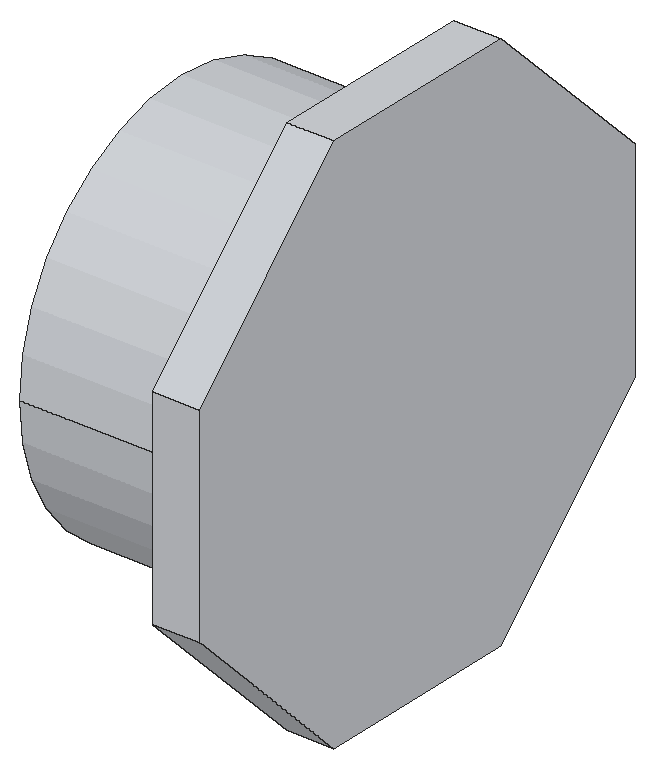
Revit family "Acoplamento - Junta - Rosqueada M - PPR", category Conexões de tubo, Revit 2019
Family settings
  Cota do conector redondo = Usar raio
  Tipo de parte = União
  Com base no plano de trabalho = Não
  Sempre na vertical = Sim
  Corte com vazios quando carregada = Não
  Compartilhado = Não
Parameters (values of type "Padrão")
  Tamanho da marca de revisão [instance] = Diâmetro externo da conexão * 0.4  # 23.12 mm
  Raio externo do soquete [instance] = Diâmetro externo do soquete / 2  # 21.5 mm
  Diâmetro externo do soquete [instance] = size_lookup(Nome da tabela de pesquisa, "SOD", 1.09 * Diâmetro nominal 1 + 9.6 mm, Diâmetro nominal 1)  # 43 mm
  Profundidade do soquete [instance] = size_lookup(Nome da tabela de pesquisa, "SDpt", 0.27 * Diâmetro nominal 1 + 10.1 mm, Diâmetro nominal 1)  # 20 mm
  Raio nominal 2 [instance] = 12.5 mm
  Raio nominal 1 [instance] = 16 mm
  Diâmetro nominal 2 [instance] = Raio nominal 2 * 2  # 25 mm
  Diâmetro nominal 1 [instance] = Raio nominal 1 * 2  # 32 mm
  Método de perda = Coeficiente K da tabela
  Nome da tabela de pesquisa = "BR_Coupling - Slip x Threaded M - PPR"
  Comprimento 1 [instance] = sin(22.50°) * Raio externo da conexão  # 11.06 mm
  Comprimento [instance] = size_lookup(Nome da tabela de pesquisa, "Lgt", 0.72 * Diâmetro nominal 2 + 41.7 mm, Diâmetro nominal 1, Diâmetro nominal 2)  # 25 mm
  Tabela de coeficiente K = "Transição de contração/alargamento"
  Raio externo da conexão [instance] = Diâmetro externo da conexão / 2  # 28.9 mm
  Diâmetro externo da conexão [instance] = size_lookup(Nome da tabela de pesquisa, "FOD", 1.42 * Diâmetro nominal 2 + 21.8 mm, Diâmetro nominal 1, Diâmetro nominal 2)  # 57.8 mm
Reference planes
  plane 1 "Centro (frente/trás)": y = 0
  plane 2: z = 0
  plane 3 "Centro (direita/esquerda)": x = 0
  plane 4: x = 0
  plane 5: x = 25
  plane 6: y = 23.12
  plane 7: y = -23.12
  plane 8: x = 20
  plane 9: z = 28.9
  plane 10: z = -28.9
  plane 11: y = -28.9
  plane 12: y = 28.9
  plane 13: z = 11.06
  plane 14: z = -11.06
  plane 15: y = -11.06
  plane 16: y = 11.06
Forms (mm)
  Extrusion 1, solid, detail levels fine
    sketch origin (20, 33.212, 1219.2) x (0, -1, 0) y (0, 0, 1)
      loop
        circle (33.212, -1219.2) r 21.5
    from 20 to 0
  Extrusion 2, solid, detail levels fine
    sketch origin (25, 1524, 1219.2) x (0, 1, 0) y (0, 0, -1)
      loop
        line (-1552.9, 1208.14) -> (-1535.06, 1190.3) -> (-1512.94, 1190.3) -> (-1495.1, 1208.14) -> (-1495.1, 1230.26) -> (-1512.94, 1248.1) -> (-1535.06, 1248.1) -> (-1552.9, 1230.26) -> (-1552.9, 1208.14)
    from 5 to 0
Cuts and joins
  joined: Extrusion 1, Extrusion 2
Lines and regions (mm)
  model lines, detail levels coarse+medium
    curve 1: line (0, 0, 0) -> (25, 0, 0)
    curve 2: line (0, 23.12, 0) -> (0, -23.12, 0)
    curve 3: line (25, 23.12, 0) -> (25, -23.12, 0)
Dimensions and locks
  "Comprimento": plane 4 to plane 5
  "Tamanho da marca de revisão": plane 6 to plane 1 "Centro (frente/trás)"
  "Tamanho da marca de revisão": plane 7 to plane 1 "Centro (frente/trás)"
  "Profundidade do soquete": plane 4 to plane 8
  equal spacing: plane 9, plane 2, plane 10
  "Diâmetro externo da conexão": plane 9 to plane 10
  equal spacing: plane 11, plane 1 "Centro (frente/trás)", plane 12
  "Diâmetro externo da conexão": plane 11 to plane 12
  "Comprimento 1": plane 13 to plane 2
  "Comprimento 1": plane 2 to plane 14
  "Comprimento 1": plane 15 to plane 1 "Centro (frente/trás)"
  "Comprimento 1": plane 1 "Centro (frente/trás)" to plane 16
  "Raio externo do soquete": radius of Extrusion 1 sketch curve
  aligned and locked: plane 2 to Extrusion 1 sketch curve
  aligned and locked: plane 1 "Centro (frente/trás)" to Extrusion 1 sketch curve
  aligned and locked: plane 6 to curve 2
  aligned and locked: plane 7 to curve 2
  aligned and locked: curve 2 to plane 4
  aligned and locked: plane 6 to curve 3
  aligned and locked: plane 7 to curve 3
  aligned and locked: plane 5 to curve 3
  aligned and locked: plane 4 to curve 1
  aligned and locked: plane 5 to curve 1
  aligned and locked: plane 1 "Centro (frente/trás)" to curve 1
  aligned and locked: Extrusion 1 to plane 4
  aligned and locked: Extrusion 1 to plane 8
  aligned and locked: Extrusion 2 to plane 5
  aligned and locked: plane 8 to Extrusion 2
Automatic sketch dimensions
  Extrusion 2 sketch curve to plane 11 = 0 mm
  Extrusion 2 sketch curve to plane 9 = 0 mm
  Extrusion 2 sketch curve to plane 15 = 0 mm  (x2)
  Extrusion 2 sketch curve to plane 10 = 0 mm
  Extrusion 2 sketch curve to plane 16 = 0 mm  (x2)
  Extrusion 2 sketch curve to plane 12 = 0 mm
  Extrusion 2 sketch curve to plane 14 = 0 mm
  plane 14 to Extrusion 2 sketch curve = 0 mm
  Extrusion 2 sketch curve to plane 13 = 0 mm
  plane 13 to Extrusion 2 sketch curve = 0 mm
Connectors
  piping at (0, 0, 0), diameter 32, driven by "Raio nominal 1"
    settings: on Extrusion 1, index 1, connector inside diameter 32 mm, connector length 0 mm, flow factor 0, pipe flow 0.0 L/s, pressure drop 0.0 Pa, fitting loss kfactor 0, connector angle 0.00°, fixture units 0, engagement length 0 mm, angle of deflection 0.00°, flow configuration 0, flow direction 0, fitting loss method 0, system type 28, joint type 0, gender type 0, connector reference index 2, connector utility 0, adjustable connector no, is connector primary yes, connector description ""
  piping at (25, 0, 0), diameter 25, driven by "Raio nominal 2"
    settings: on Extrusion 2, index 2, connector inside diameter 25 mm, connector length 0 mm, flow factor 0, pipe flow 0.0 L/s, pressure drop 0.0 Pa, fitting loss kfactor 0, connector angle 0.00°, fixture units 0, engagement length 0 mm, angle of deflection 0.00°, flow configuration 0, flow direction 0, fitting loss method 0, system type 28, joint type 0, gender type 0, connector reference index 1, connector utility 0, adjustable connector no, is connector primary no, connector description ""
